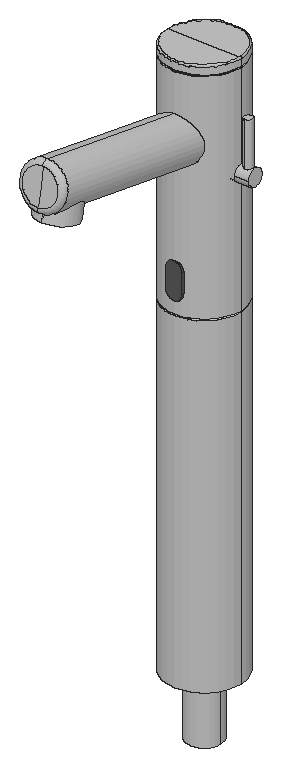
Revit family "Plumbing-Fix_Faucet-Touchless_Stern_Elite-Mixer-1000-Plus", category Plumbing Fixtures, host Face, Revit 2026
Family settings
  Host = Face
  Round Connector Dimension = Use Diameter
  Part Type = Normal
  Classification Number = 23.45.55.17
  Enable Cutting in Views = No
  Cut with Voids When Loaded = No
  Maintain Annotation Orientation = No
  Shared = No
  Room Calculation Point = No
Parameters (values of type "Default")
  Waste Connection = no
  Warranty Duration (Years) = 2
  WFU = 0
  Vent Connection = no
  Unit Width = 0' - 2"
  Unit Height [instance] = Extension + 0' 5 3/8"  # 1' - 1 1/4"
  URL = "http://www.sternfaucets.com/"
  Type Comments = "as Specified"
  Standards Conformance = "as Specified"
  Spout Reach = 0' - 0"
  Spout Height [instance] = Extension + 0' 3 5/8"  # 0' - 11 1/2"
  Specification = ""
  SpecWizard = ""
  Sales Information = "http://www.sternfaucets.com/contact-us/contact-us-int-l.html"
  Revision = "R1_2018-04"
  Product Properties = ""
  Product Features = "as Specified"
  Product Data = "http://www.arcat.com/arcatcos/cos50/arc50092.html"
  Power Supply = "9V Battery"
  Piping_Inlet Diameter = 3/8"
  Piping_Flow = 0 GPM
  Operating Temperature Range = "Up to 149 F / 65 C"
  Operating Pressure Range = "7.26 - 116 PSI  ;  0.5 - 8 bar"
  Model = "Elite 1000 Plus B"
  Manufacturer Website = "http://www.sternfaucets.com/"
  Manufacturer Phone - Toll Free = "800-436-4410"
  Manufacturer Phone = ""
  Manufacturer Fax = ""
  Manufacturer Address = "777 Passaic Ave.  Clifton, NJ 07012"
  Manufacturer = "Stern Engineering"
  Maintenance Schedule (Months) = 0
  Link to Type Catalog = "https://www.arcat.com/bim/stern_engineering/Plumbing-Fix_Faucet-Touchless_Stern_Elite-Mixer-1000-Plus.txt"
  Keynote = "22 40 00"
  Installation Phase = ""
  HWFU = 1
  HW Connection = yes
  Green Building-LEED = ""
  Fixture Finish [instance] = Finish - Stern - Chrome
  Extension Option Selection = 1
  Extension Option 5 [instance] = 0' - 6 13/32"  # constant formula
  Extension Option 4 [instance] = 0' - 4 5/16"  # constant formula
  Extension Option 3 [instance] = 0' - 3 15/16"  # constant formula
  Extension Option 2 [instance] = 0' - 1 3/4"  # constant formula
  Extension Option 1_Standard [instance] = 0' - 7 7/8"  # constant formula
  Extension [instance] = if(Extension Option Selection = 1, Extension Option 1_Standard, if(Extension Option Selection = 2, Extension Option 2, if(Extension Option Selection = 3, Extension Option 3, if(Extension Option Selection = 4, Extension Option 4, if(Extension Option Selection = 5, Extension Option 5, Extension Option 1_Standard)))))  # 0' - 7 7/8"
  Expected Lifespan (Years) = 0
  Drawn By = "Sumex Design, Inc. / Robert S. Weygant, CSI, CDT, SCIP"
  Description = "Stern Touchless Deck Mounted Faucet - Elite 1000 Plus B as Specified"
  Default Elevation = 0' - 0"
  Cost = 0
  Copyright = "©Arcat Inc."
  Construction Details = ""
  CWFU = 1
  CW Connection = yes
  Body Construction = ""
  Available Options = "as Specified"
  Assembly Code = "D2010300"
  Accent Color [instance] = Finish - Stern - Black
Reference planes (in)
  plane 1 "Center (Front/Back)": y = 0
  plane 2: z = 0
  plane 3 "Center (Left/Right)": x = 0
  plane 4: z = 11.5
  plane 5: y = -4.34375
  plane 6: z = 7.875
Forms (in)
  Revolve 1, solid, material "Finish - Stern - Chrome" <- "Fixture Finish"
    sketch origin (0, 0, 0) x (1, 0, 0) y (0, 0, 1)
      loop
        line (0, 0) -> (0, 13.25) -> (-0.84375, 13.25)
        arc (-0.84375, 13.25) -> (-0.86585, 13.24085) -> (-0.875, 13.21875) r 0.03125
        line (-0.875, 13.21875) -> (-0.875, 13.0625) -> (-0.83834, 13.0625) -> (-0.83834, 13.02355) -> (-0.875, 13.02355) -> (-0.875, 7.89447) -> (-0.83834, 7.875) -> (-0.875, 7.85553) -> (-0.875, 0) -> (0, 0)
      axis (0, 13.25) -> (0, 0)
    angle from 0 to 360
  Extrusion 2, solid, material "Finish - Stern - Black" <- "Accent Color"
    sketch origin (0, 0, 7.625) x (1, 0, 0) y (0, 0, 1)
      loop
        line (-0.1875, 1.21875) -> (-0.1875, 0.75)
        arc (-0.1875, 0.75) -> (0, 0.5625) -> (0.1875, 0.75) r 0.1875
        line (0.1875, 0.75) -> (0.1875, 1.21875)
        arc (0.1875, 1.21875) -> (0, 1.40625) -> (-0.1875, 1.21875) r 0.1875
    from 0 to 0.89572
  Extrusion 3, void
    sketch origin (0, 0, 0) x (1, 0, 0) y (0, 1, 0)
      loop
        circle (0, 0) r 0.625
    from 0 to -8
  Extrusion 4, solid, material "Finish - Stern - Chrome" <- "Fixture Finish"
    sketch origin (0, 0, 0) x (1, 0, 0) y (0, 1, 0)
      loop
        circle (0, 0) r 0.39132
    from 0 to -1.44157
  Revolve 5, solid, material "Finish - Stern - Chrome" <- "Fixture Finish"
    sketch origin (0, 0, 7.625) x (0, 1, 0) y (0, 0, 1)
      loop
        line (-4.83592, 4.68778) -> (0, 3.79784) -> (0, 4.34929) -> (-4.61483, 5.19855)
        arc (-4.61483, 5.19855) -> (-4.70839, 5.17854) -> (-4.76039, 5.09824) r 0.125
        line (-4.76039, 5.09824) -> (-4.83592, 4.68778)
      axis (-4.83592, 4.68778) -> (0, 3.79784)
    angle from 0 to 360
  Revolve 6, solid, material "Finish - Stern - Chrome" <- "Fixture Finish"
    sketch origin (0, 0, 7.5625) x (0, 1, 0) y (0, 0, 1)
      loop
        line (-4.79936, 3.98722) -> (-4.76859, 3.9818) -> (-4.76316, 4.01257) -> (-4.33757, 3.93753) -> (-4.25618, 4.39916) -> (-4.71254, 4.47963) -> (-4.79936, 3.98722)
      axis (-4.343, 3.90675) -> (-4.25618, 4.39916)
    angle from 0 to 360
  Extrusion 7, solid
    sketch origin (0, 0, 0) x (1, 0, 0) y (0, 1, 0)
      loop
        circle (-0.23254, 0) r 0.1089
      loop
        circle (0.23254, 0) r 0.1089
    from 0 to -1.44157
  Extrusion 8, solid, material "Finish - Stern - Chrome" <- "Fixture Finish"
    sketch origin (0, 0, 7.60938) x (0, 1, 0) y (0, 0, 1)
      loop
        circle (0, 3.20548) r 0.19552
    from 0 to 1.19905
  Extrusion 9, solid, material "Finish - Stern - Chrome" <- "Fixture Finish"
    sketch origin (0, -10.60316, 11.5) x (0, -1, 0) y (1, 0, 0)
      loop
        circle (-10.60316, 1.04138) r 0.099
    from -0.69252 to 0.5209
Cuts and joins
  Extrusion 3 cuts Revolve 1
  Extrusion 3 cuts Extrusion 2
Dimensions and locks (in)
  locked: plane 4 to plane 6 at 3.625
  "Extension": plane 6 to host face
  aligned and locked: plane 2 to host face
  aligned and locked: level to host face
Automatic sketch dimensions
  host sketch curve to host sketch curve = 8' - 0"  (x2)
  Revolve 1 sketch curve to level = 0' - 0"
  Revolve 1 sketch curve to plane 6 = 0' - 0"
  Revolve 1 sketch curve to plane 3 "Center (Left/Right)" = 0' - 0"  (x2)
  Revolve 1 sketch curve to plane 3 "Center (Left/Right)" = 0' - 0.83834"  (x2)
  Revolve 1 sketch curve to Revolve 1 sketch curve = 0' - 0.00541"
  Revolve 1 sketch curve to Revolve 1 sketch curve = 0' - 0.03666"  (x2)
  Revolve 1 sketch curve to plane 6 = 0' - 0.01947"
  plane 6 to Revolve 1 sketch curve = 0' - 0.01947"
  Revolve 1 sketch curve to Revolve 1 sketch curve = 0' - 0"
  plane 4 to Revolve 1 sketch curve = 0' - 1.52355"
  Revolve 1 sketch curve to Revolve 1 sketch curve = 0' - 0.03895"
  Revolve 1 sketch curve to Revolve 1 sketch curve = 0' - 0 5/32"
  Revolve 1 sketch curve to level = 0' - 5 1/4"
  Revolve 1 sketch curve to Revolve 1 sketch curve = 0' - 8"
  Extrusion 2 sketch curve to plane 3 "Center (Left/Right)" = 0' - 0"
  Extrusion 2 sketch curve to Extrusion 2 sketch curve = 0' - 0 3/16"
  Extrusion 2 sketch curve to plane 6 = 0' - 0 1/2"
  Extrusion 2 sketch curve to Extrusion 2 sketch curve = 0' - 0 15/32"
  plane 1 "Center (Front/Back)" to Extrusion 3 sketch curve = 0' - 0"
  Extrusion 3 sketch curve to plane 3 "Center (Left/Right)" = 0' - 0"
  plane 1 "Center (Front/Back)" to Extrusion 4 sketch curve = 0' - 0"
  Extrusion 4 sketch curve to plane 3 "Center (Left/Right)" = 0' - 0"
  Revolve 5 sketch curve to plane 1 "Center (Front/Back)" = 0' - 0"
  Revolve 5 sketch curve to plane 5 = 0' - 0.27108"
  Revolve 5 sketch curve to Revolve 5 sketch curve = 0' - 0.02262"  (x2)
  Revolve 5 sketch curve to Revolve 5 sketch curve = 0' - 0.12294"
  Revolve 5 sketch curve to Revolve 5 sketch curve = 0' - 0.07553"
  Revolve 5 sketch curve to plane 4 = 0' - 0.07716"
  plane 4 to Revolve 5 sketch curve = 0' - 0.47429"
  plane 4 to Revolve 5 sketch curve = 0' - 0.81278"
  Revolve 5 sketch curve to plane 4 = 0' - 0.05137"
  plane 1 "Center (Front/Back)" to Revolve 5 sketch curve = 0' - 0.14015"
  plane 4 to Revolve 5 sketch curve = 0' - 1.17913"
  Revolve 5 sketch curve to Revolve 5 sketch curve = 0' - 1.99074"
  plane 4 to Revolve 6 sketch curve = 0' - 0.04972"
  Revolve 6 sketch curve to plane 5 = 0' - 0.45561"
  plane 4 to Revolve 6 sketch curve = 0' - 0.0443"
  Revolve 6 sketch curve to Revolve 6 sketch curve = 0' - 0.03078"
  plane 4 to Revolve 6 sketch curve = 0' - 0.07507"
  Revolve 6 sketch curve to plane 5 = 0' - 0.36879"
  plane 4 to Revolve 6 sketch curve = 0' - 0.00003"
  plane 5 to Revolve 6 sketch curve = 0' - 0.00075"
  plane 5 to Revolve 6 sketch curve = 0' - 0.13549"
  Revolve 6 sketch curve to plane 4 = 0' - 0.03075"
  Revolve 6 sketch curve to Revolve 6 sketch curve = 0' - 0.27174"
  plane 1 "Center (Front/Back)" to Extrusion 7 sketch curve = 0' - 0"  (x2)
  Extrusion 7 sketch curve to plane 3 "Center (Left/Right)" = 0' - 0.23254"
  plane 3 "Center (Left/Right)" to Extrusion 7 sketch curve = 0' - 0.23254"
  Extrusion 8 sketch curve to plane 1 "Center (Front/Back)" = 0' - 0"
  Extrusion 8 sketch curve to plane 4 = 0' - 0.68514"
  plane 1 "Center (Front/Back)" to Extrusion 9 sketch curve = 0' - 0"
  plane 3 "Center (Left/Right)" to Extrusion 9 sketch curve = 0' - 1.04138"
  radius of Extrusion 3 sketch curve = 0' - 0 5/8"
  radius of Extrusion 4 sketch curve = 0' - 0.39132"
  radius of Extrusion 7 sketch curve = 0' - 0.1089"  (x2)
  radius of Extrusion 8 sketch curve = 0' - 0.19552"
  radius of Extrusion 9 sketch curve = 0' - 0.099"
Connectors (in)
  electrical at (0, 0, 0.1875)
    settings: on cut or joined group of Revolve 1, Extrusion 3, index 3, voltage 0 V, apparent load 0 VA, apparent load phase1 0 VA, apparent load phase2 0 VA, apparent load phase3 0 VA, power factor 1, load classification "Other", number of poles 1, system type 13, power factor state 1, is connector primary yes, connector utility no, sub classification motor no, connector description ""
  piping at (0.23254, 0, -1.44157), diameter 0.375, driven by "Piping_Flow", driven by "Piping_Inlet Diameter"
    settings: on Extrusion 7, index 4, connector inside diameter 24", connector length 0' - 0", flow factor 0, pipe flow 0 GPM, pressure drop 0.00 psi, fitting loss kfactor 0, connector angle 0.00°, fixture units 0, engagement length 0' - 0", angle of deflection 0.00°, flow configuration 0, flow direction 1, fitting loss method 0, system type 20, joint type 0, gender type 0, connector reference index -1, connector utility 0, adjustable connector no, is connector primary no, connector description "CW Inlet"
  piping at (-0.23254, 0, -1.44157), diameter 0.375, driven by "Piping_Flow", driven by "Piping_Inlet Diameter"
    settings: on Extrusion 7, index 5, connector inside diameter 24", connector length 0' - 0", flow factor 0, pipe flow 0 GPM, pressure drop 0.00 psi, fitting loss kfactor 0, connector angle 0.00°, fixture units 0, engagement length 0' - 0", angle of deflection 0.00°, flow configuration 0, flow direction 1, fitting loss method 0, system type 19, joint type 0, gender type 0, connector reference index -1, connector utility 0, adjustable connector no, is connector primary yes, connector description "HW Inlet"
